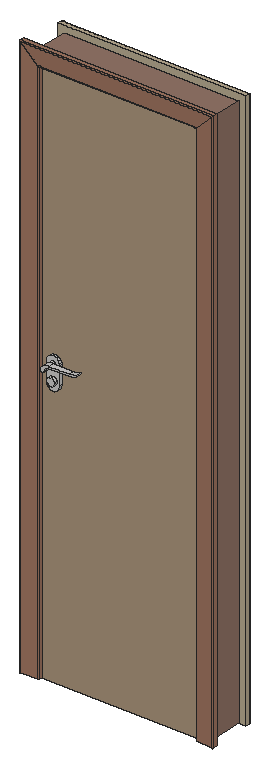
Revit family "Abrir - 1 Folha_Painel liso", category Portas, Revit 2015
Parameters (values of type "60x210")
  Tipo de construção = "residêncial"
  Máscara da folha visível [instance] = no
  Moldura interna da porta [instance] = Teca
  Moldura externa da porta [instance] = Pinho de Óregon
  Moldura da porta = Tábua de fibra orientada
  Maçaneta da porta = Painel de metal
  Marco = Amendoeira
  Largura bruta = Largura + (Espessura do Marco * 2)  # 67 cm
  Função = Interior
  Projeção da moldura externa = 2 cm
  Projeção da moldura interna = 2 cm
  Largura da moldura = 7 cm
  Folha da porta = Tábua de fibra orientada
  Espessura do Marco = 3.5 cm
  Espessura = 3.5 cm
  Distância da maçaneta = 5 cm
  Autor = "Marco Rocha"
  Altura bruta = Altura + Espessura do Marco  # 213.5 cm
  Altura = 210 cm
  Fechamento da parede = Por hospedeiro
  Largura = 60 cm
Types (6, lengths in cm): name | Largura bruta | Espessura | Largura
  (no name) | 67 | 3.5 | 60
  60x210 | 67 | 3.5 | 60
  70x210 | 77 | 3.5 | 70
  80x210 | 87 | 3.5 | 80
  90x210 | 97 | 3.5 | 90
  100x210 | 107 | 4 | 100
Reference planes (cm)
  plane 1: y = 0
  plane 2 "Centro (Esquerda/Direita)": x = 0
  plane 3 "Esquerda": x = -30
  plane 4 "Direita": x = 30
  plane 5: z = 210
  plane 6 "Exterior": y = 7.5
  plane 7 "Interior": y = -7.5
  plane 8: x = -33.5
  plane 9: x = 33.5
  plane 10: z = 213.5
  plane 11: y = -4
  plane 12: x = 29
  plane 13: x = 26.5
  plane 14: y = -67.5
  plane 15: y = -62.5
  plane 16: y = -80
  plane 17: y = -62.5
Forms (cm)
  Extrusion 1, solid, material "Tábua de fibra orientada" <- "Folha da porta"
    sketch origin (0, 0, 0) x (1, 0, 0) y (0, 1, 0)
      loop
        line (-30, -4) -> (-30, -7.5) -> (30, -7.5) -> (30, -4) -> (-30, -4)
    from 0 to 210
  Extrusion 2, solid, material "Tábua de fibra orientada" <- "Moldura da porta", detail levels medium
    sketch origin (0, 7.5, 0) x (1, 0, 0) y (0, 0, 1)
      loop
        line (30, 210) -> (30, 0) -> (37, 0) -> (37, 217) -> (-37, 217) -> (-37, 0) -> (-30, 0) -> (-30, 210) -> (30, 210)
    from -2 to 0
  Extrusion 3, solid, material "Tábua de fibra orientada" <- "Moldura da porta", detail levels medium
    sketch origin (0, -7.5, 0) x (1, 0, 0) y (0, 0, -1)
      loop
        line (30, -210) -> (-30, -210) -> (-30, 0) -> (-37, 0) -> (-37, -217) -> (37, -217) -> (37, 0) -> (30, 0) -> (30, -210)
    from -2 to 0
  Sweep 4, solid, material "Amendoeira" <- "Marco", detail levels coarse+medium
    path in 3D
      loop
        line (33.5, 7.5, 0) -> (33.5, 7.5, 213.5) -> (-33.5, 7.5, 213.5) -> (-33.5, 7.5, 0)
    profile origin (33.5, 7.5, 106.75) x (0, 1, 0) y (-1, 0, 0)
      loop
        line (-15, 3.5) -> (-15, 0) -> (0, 0) -> (0, 3.5) -> (-15, 3.5)
  Sweep 5, solid, material "Amendoeira" <- "Marco", detail levels fine
    path in 3D
      loop
        line (33.5, 7.5, 0) -> (33.5, 7.5, 213.5) -> (-33.5, 7.5, 213.5) -> (-33.5, 7.5, 0)
    profile origin (33.5, 7.5, 106.75) x (0, 1, 0) y (-1, 0, 0)
      loop
        line (0, 0) -> (0, 4.5) -> (-11.5, 4.5) -> (-11.5, 3.5) -> (-15, 3.5) -> (-15, 0) -> (0, 0)
  Sweep 6, solid, material "Teca" <- "Moldura interna da porta", detail levels fine
    path in 3D
      loop
        line (30, -7.5, 0) -> (30, -7.5, 210) -> (-30, -7.5, 210) -> (-30, -7.5, 0)
    profile "Perfil Alisar : 7 x 2 cm" origin (-30, -7.5, 105) x (0, 1, 0) y (1, 0, 0)
      loop
        line (0, 0) -> (-1, 0)
        arc (-1, 0) -> (-1.3536, -0.1464) -> (-1.5, -0.5) r 0.5
        line (-1.5, -0.5) -> (-1.9793, -6.7308)
        arc (-1.9793, -6.7308) -> (-1.9135, -6.9199) -> (-1.73, -7) r 0.25
        line (-1.73, -7) -> (0, -7) -> (0, 0)
  Sweep 7, solid, material "Pinho de Óregon" <- "Moldura externa da porta", detail levels fine
    path in 3D
      loop
        line (29, 7.5, 0) -> (29, 7.5, 209) -> (-29, 7.5, 209) -> (-29, 7.5, 0)
    profile "Perfil Alisar : 7 x 2 cm" origin (29, 7.5, 104.5) x (0, 1, 0) y (-1, 0, 0)
      loop
        line (0, 0) -> (0, -7) -> (1.73, -7)
        arc (1.73, -7) -> (1.9135, -6.9199) -> (1.9793, -6.7308) r 0.25
        line (1.9793, -6.7308) -> (1.5, -0.5)
        arc (1.5, -0.5) -> (1.3536, -0.1464) -> (1, 0) r 0.5
        line (1, 0) -> (0, 0)
Lines and regions (cm)
  Opening 1
    outline origin (-305, -7.5, 0) x (1, 0, 0) y (0, 0, 1)
      loop
        line (338.5, 213.5) -> (271.5, 213.5) -> (271.5, 0) -> (338.5, 0) -> (338.5, 213.5)
  Masking region 1, visible <- "Máscara da folha visível"
    outline origin (0, 0, 0) x (1, 0, 0) y (0, 1, 0)
      loop
        line (26.5, -7.5) -> (26.5, -67.5) -> (30, -67.5) -> (30, -7.5) -> (26.5, -7.5)
  Masking region 2, visible <- "Máscara da folha visível", detail levels fine
    outline origin (-15, 17.5, 0) x (0, -1, 0) y (1, 0, 0)
      loop
        line (82.5, 45) -> (82.5, 46) -> (81.5, 46) -> (81.5, 47) -> (80.8, 47) -> (80.8, 51) -> (67, 51) -> (67, 49) -> (79.2, 49) -> (79.2, 47) -> (78.5, 47) -> (78.5, 46) -> (77.5, 46) -> (77.5, 45) -> (82.5, 45)
  Masking region 3, visible <- "Máscara da folha visível", not visible, detail levels fine
    outline origin (0, 0, 0) x (0, -1, 0) y (1, 0, 0)
      loop
        line (82.5, 45) -> (82.5, 46) -> (81.5, 46) -> (81.5, 47) -> (80.8, 47) -> (80.8, 51) -> (67, 51) -> (67, 49) -> (79.2, 49) -> (79.2, 47) -> (78.5, 47) -> (78.5, 46) -> (77.5, 46) -> (77.5, 45) -> (82.5, 45)
  Masking region 4, visible <- "Máscara da folha visível", detail levels fine
    outline origin (71.5, 17.5, 0) x (0, 1, 0) y (-1, 0, 0)
      loop
        line (-82.5, 45) -> (-77.5, 45) -> (-77.5, 46) -> (-78.5, 46) -> (-78.5, 47) -> (-79.2, 47) -> (-79.2, 49) -> (-67, 49) -> (-67, 51) -> (-80.8, 51) -> (-80.8, 47) -> (-81.5, 47) -> (-81.5, 46) -> (-82.5, 46) -> (-82.5, 45)
  Masking region 5, detail levels coarse
    outline origin (0, 0, 0) x (1, 0, 0) y (0, 1, 0)
      loop
        line (-33.5, 7.5) -> (-33.5, -7.5) -> (-30, -7.5) -> (-30, 7.5) -> (-33.5, 7.5)
      loop
        line (30, 7.5) -> (30, -7.5) -> (33.5, -7.5) -> (33.5, 7.5) -> (30, 7.5)
  Masking region 6, detail levels coarse
    outline origin (0, 0, 0) x (0, 1, 0) y (0, 0, 1)
      loop
        line (7.5, 213.5) -> (-7.5, 213.5) -> (-7.5, 210) -> (7.5, 210) -> (7.5, 213.5)
  symbolic lines, style "Giro da elevação"
    curve 1: line (30, -7.5, 105) -> (-30, -7.5, 210)
    curve 2: line (30, -7.5, 105) -> (-30, -7.5, 0)
  symbolic lines, style "Doors"
    curve 3: line (26.5, -7.5, 0) -> (26.5, -67.5, 0)
    curve 4: line (30, -67.5, 0) -> (30, -7.5, 0)
    curve 5: line (26.5, -67.5, 0) -> (30, -67.5, 0)
    curve 6: line (30, -7.5, 0) -> (26.5, -7.5, 0)
  symbolic lines, style "Puxador", detail levels fine
    curve 7: line (30, -65, 0) -> (30, -60, 0)
    curve 8: line (30, -60, 0) -> (31, -60, 0)
    curve 9: line (31, -60, 0) -> (31, -65, 0)
    curve 10: line (31, -65, 0) -> (30, -65, 0)
    curve 11: line (31, -61, 0) -> (32, -61, 0)
    curve 12: line (32, -61, 0) -> (32, -64, 0)
    curve 13: line (32, -64, 0) -> (31, -64, 0)
    curve 14: line (32, -63.3, 0) -> (36, -63.3, 0)
    curve 15: line (36, -63.3, 0) -> (36, -49.5, 0)
    curve 16: line (36, -49.5, 0) -> (34, -49.5, 0)
    curve 17: line (34, -49.5, 0) -> (34, -61.7, 0)
    curve 18: line (34, -61.7, 0) -> (32, -61.7, 0)
    curve 31: line (26.5, -65, 0) -> (26.5, -60, 0)
    curve 32: line (26.5, -60, 0) -> (25.5, -60, 0)
    curve 33: line (25.5, -60, 0) -> (25.5, -65, 0)
    curve 34: line (25.5, -65, 0) -> (26.5, -65, 0)
    curve 35: line (25.5, -61, 0) -> (24.5, -61, 0)
    curve 36: line (24.5, -61, 0) -> (24.5, -64, 0)
    curve 37: line (24.5, -64, 0) -> (25.5, -64, 0)
    curve 38: line (24.5, -63.3, 0) -> (20.5, -63.3, 0)
    curve 39: line (20.5, -63.3, 0) -> (20.5, -49.5, 0)
    curve 40: line (20.5, -49.5, 0) -> (22.5, -49.5, 0)
    curve 41: line (22.5, -49.5, 0) -> (22.5, -61.7, 0)
    curve 42: line (22.5, -61.7, 0) -> (24.5, -61.7, 0)
  symbolic lines, style "Puxador", not visible, detail levels fine
    curve 19: line (45, -82.5, 0) -> (45, -77.5, 0)
    curve 20: line (45, -77.5, 0) -> (46, -77.5, 0)
    curve 21: line (46, -77.5, 0) -> (46, -82.5, 0)
    curve 22: line (46, -82.5, 0) -> (45, -82.5, 0)
    curve 23: line (46, -78.5, 0) -> (47, -78.5, 0)
    curve 24: line (47, -78.5, 0) -> (47, -81.5, 0)
    curve 25: line (47, -81.5, 0) -> (46, -81.5, 0)
    curve 26: line (47, -80.8, 0) -> (51, -80.8, 0)
    curve 27: line (51, -80.8, 0) -> (51, -67, 0)
    curve 28: line (51, -67, 0) -> (49, -67, 0)
    curve 29: line (49, -67, 0) -> (49, -79.2, 0)
    curve 30: line (49, -79.2, 0) -> (47, -79.2, 0)
  sketch lines
    curve 43: line (33.5, 7.5, 0) -> (33.5, 7.5, 213.5)
    curve 44: line (33.5, 7.5, 213.5) -> (-33.5, 7.5, 213.5)
    curve 45: line (-33.5, 7.5, 213.5) -> (-33.5, 7.5, 0)
    curve 47: line (33.5, 7.5, 0) -> (33.5, 7.5, 213.5)
    curve 48: line (33.5, 7.5, 213.5) -> (-33.5, 7.5, 213.5)
    curve 49: line (-33.5, 7.5, 213.5) -> (-33.5, 7.5, 0)
    curve 50: line (-30, -7.5, 210) -> (-30, -7.5, 0)
    curve 51: line (30, -7.5, 210) -> (-30, -7.5, 210)
    curve 52: line (30, -7.5, 0) -> (30, -7.5, 210)
    curve 53: line (29, 7.5, 0) -> (29, 7.5, 209)
    curve 54: line (29, 7.5, 209) -> (-29, 7.5, 209)
    curve 55: line (-29, 7.5, 209) -> (-29, 7.5, 0)
  symbolic lines, style "Giro da planta"
    curve 46: arc (30, -67.5, 0) -> (-12.4264, -49.9264, 0) -> (-30, -7.5, 0) r 60
Text (cm)
  text "Exterior" at (-229.5016, 109.9543, 0), in view "Nível de referência"
  text "Exterior" at (0, 161.538, 369.8081), in view "Esquerda"
  text "Exterior" at (0, 103.6032, 387.4932), in view "Direita"
Dimensions and locks (cm)
  equal spacing: plane 3 "Esquerda", plane 2 "Centro (Esquerda/Direita)", plane 4 "Direita"
  "Largura": plane 3 "Esquerda" to plane 4 "Direita"
  "Altura": plane 5 to host wall
  equal spacing: host wall, curve 2, plane 5
  host wall to plane 10 = 213.5 cm
  locked: plane 6 "Exterior" to host wall at 0
  locked: plane 7 "Interior" to host wall
  "Espessura do Marco": plane 8 to plane 3 "Esquerda"
  "Espessura do Marco": plane 4 "Direita" to plane 9
  "Espessura do Marco": plane 10 to plane 5
  "Espessura": plane 7 "Interior" to plane 11
  locked: plane 12 to plane 4 "Direita" at 1
  "Espessura": plane 13 to plane 4 "Direita"
  "Largura": plane 14 to plane 7 "Interior"
  "Largura da moldura": Extrusion 2 sketch curve to Extrusion 2 sketch curve  (x3)
  "Projeção da moldura externa": plane 6 "Exterior" to Extrusion 2
  "Largura da moldura": Extrusion 3 sketch curve to Extrusion 3 sketch curve  (x3)
  "Projeção da moldura interna": Extrusion 3 to plane 7 "Interior"
  "Distância da maçaneta": plane 3 "Esquerda" to nested 1
  "Distância da maçaneta": plane 15 to plane 14
  "Distância da maçaneta": plane 17 to plane 14
  aligned and locked: plane 5 to curve 1
  aligned and locked: plane 3 "Esquerda" to curve 2
  aligned and locked: plane 1 to host wall
  aligned and locked: plane 3 "Esquerda" to curve 1
  aligned and locked: curve 3 to plane 13
  aligned and locked: curve 4 to plane 4 "Direita"
  aligned and locked: curve 5 to plane 14
  aligned and locked: curve 6 to plane 7 "Interior"
  aligned and locked: Masking region 1 sketch curve to curve 6
  aligned and locked: Masking region 1 sketch curve to curve 3
  aligned and locked: Masking region 1 sketch curve to curve 5
  aligned and locked: Masking region 1 sketch curve to curve 4
  aligned and locked: Extrusion 1 sketch curve to plane 3 "Esquerda"
  aligned and locked: plane 4 "Direita" to Extrusion 1 sketch curve
  aligned and locked: Extrusion 1 sketch curve to plane 11
  aligned and locked: Extrusion 1 sketch curve to plane 7 "Interior"
  aligned and locked: Extrusion 1 to plane 5
  aligned and locked: plane 4 "Direita" to Extrusion 2 sketch curve
  aligned and locked: plane 5 to Extrusion 2 sketch curve
  aligned and locked: plane 3 "Esquerda" to Extrusion 2 sketch curve
  aligned and locked: Extrusion 2 sketch curve to level
  aligned and locked: level to Extrusion 2 sketch curve
  aligned and locked: Extrusion 2 to host wall
  aligned and locked: Extrusion 3 to plane 7 "Interior"
  aligned and locked: nested 1 to plane 7 "Interior"
  aligned and locked: curve 7 to plane 4 "Direita"
  aligned and locked: plane 13 to curve 31
  aligned and locked: plane 10 to Opening 1 sketch curve
  aligned and locked: Opening 1 sketch curve to plane 9
  aligned and locked: Extrusion 2 to Opening 1 sketch curve
  aligned and locked: plane 8 to Opening 1 sketch curve
  aligned and locked: Sweep 4 sketch curve to plane 4 "Direita"
  aligned and locked: Sweep 4 sketch curve to plane 9
  aligned and locked: Sweep 4 sketch curve to plane 6 "Exterior"
  aligned and locked: Sweep 4 sketch curve to plane 7 "Interior"
  aligned and locked: plane 3 "Esquerda" to curve 46
  aligned and locked: Sweep 5 sketch curve to plane 9
  aligned and locked: Sweep 5 sketch curve to plane 6 "Exterior"
  aligned and locked: Sweep 5 sketch curve to plane 12
  aligned and locked: Sweep 5 sketch curve to plane 11
  aligned and locked: plane 4 "Direita" to Sweep 5 sketch curve
  aligned and locked: plane 7 "Interior" to Sweep 5 sketch curve
  aligned and locked: plane 3 "Esquerda" to Masking region 5 sketch curve
  aligned and locked: Masking region 5 sketch curve to plane 8
  aligned and locked: plane 6 "Exterior" to Masking region 5 sketch curve  (x2)
  aligned and locked: Masking region 5 sketch curve to plane 7 "Interior"  (x2)
  aligned and locked: plane 9 to Masking region 5 sketch curve
  aligned and locked: Masking region 5 sketch curve to plane 4 "Direita"
  aligned and locked: Masking region 6 sketch curve to plane 10
  aligned and locked: Masking region 6 sketch curve to plane 7 "Interior"
  aligned and locked: plane 6 "Exterior" to Masking region 6 sketch curve
  aligned and locked: Masking region 6 sketch curve to plane 5
Automatic sketch dimensions
  Masking region 2 sketch curve to Masking region 2 sketch curve = 1 cm  (x6)
  Masking region 2 sketch curve to Masking region 2 sketch curve = 2 cm
  Masking region 2 sketch curve to Masking region 2 sketch curve = 0.7 cm  (x2)
  Masking region 2 sketch curve to Masking region 2 sketch curve = 1.6 cm
  Masking region 2 sketch curve to Masking region 2 sketch curve = 10.5 cm
  plane 15 to Masking region 2 sketch curve = 2.5 cm
  Masking region 2 sketch curve to Masking region 2 sketch curve = 3 cm
  Masking region 3 sketch curve to Masking region 3 sketch curve = 1 cm  (x6)
  Masking region 3 sketch curve to Masking region 3 sketch curve = 2 cm
  Masking region 3 sketch curve to Masking region 3 sketch curve = 0.7 cm  (x2)
  Masking region 3 sketch curve to Masking region 3 sketch curve = 1.6 cm
  Masking region 3 sketch curve to Masking region 3 sketch curve = 10.5 cm
  plane 16 to Masking region 3 sketch curve = 2.5 cm
  Masking region 3 sketch curve to Masking region 3 sketch curve = 3 cm
  Masking region 4 sketch curve to Masking region 4 sketch curve = 1 cm  (x6)
  Masking region 4 sketch curve to Masking region 4 sketch curve = 2 cm
  Masking region 4 sketch curve to Masking region 4 sketch curve = 0.7 cm  (x2)
  Masking region 4 sketch curve to Masking region 4 sketch curve = 1.6 cm
  Masking region 4 sketch curve to Masking region 4 sketch curve = 10.5 cm
  Masking region 4 sketch curve to plane 17 = 2.5 cm
  Masking region 4 sketch curve to Masking region 4 sketch curve = 3 cm
  curve 2 to level = 0 cm
  plane 4 "Direita" to curve 2 = 0 cm
  Extrusion 3 sketch curve to level = 0 cm  (x2)
  plane 3 "Esquerda" to Extrusion 3 sketch curve = 0 cm
  plane 4 "Direita" to Extrusion 3 sketch curve = 0 cm
  Extrusion 3 sketch curve to plane 5 = 0 cm
Nested families (cm)
  nested 1: "Maçaneta da porta 2" at (-25, -5.75, 110), type "Maçaneta da porta 2", detail levels fine
    with Espessura do painel 3.5 cm
Definition of nested family "Maçaneta da porta 2"
  Parameters (values of type "Maçaneta da porta 2")
    Espessura do painel = 5 cm
    Material do puxador = none
    Function = (empty or 0)
  Reference planes (cm)
    plane 1 "Centro (Frente/Trás)": y = 0
    plane 2: z = 0
    plane 3 "Centro (Esquerda/Direita)": x = 0
    plane 4: y = 2.5
    plane 5: y = -2.5
    plane 6: z = -14.7114
    plane 7: y = 6.5
    plane 8: z = -6
    plane 9: y = -6.5
    plane 10: z = -6
  Forms (cm)
    Extrusion 1, solid, material <- "Material do puxador"
      sketch origin (0, -2.5, 0) x (-1, 0, 0) y (0, 0, -1)
        loop
          line (2.5, 0) -> (2.5, 7)
          arc (2.5, 7) -> (0, 9.5) -> (-2.5, 7) r 2.5
          line (-2.5, 7) -> (-2.5, 0)
          arc (-2.5, 0) -> (0, -2.5) -> (2.5, 0) r 2.5
      from 0 to 1
    Extrusion 2, solid, material <- "Material do puxador"
      sketch origin (0, 2.5, 0) x (-1, 0, 0) y (0, 0, -1)
        loop
          line (2.5, 0) -> (2.5, 7)
          arc (2.5, 7) -> (0, 9.5) -> (-2.5, 7) r 2.5
          line (-2.5, 7) -> (-2.5, 0)
          arc (-2.5, 0) -> (0, -2.5) -> (2.5, 0) r 2.5
      from 0 to -1
    Extrusion 3, solid, material <- "Material do puxador"
      sketch origin (0, -2.5, 0) x (-1, 0, 0) y (0, 0, -1)
        loop
          circle (0, 0) r 0.8
      from 1 to 4
    Extrusion 4, solid, material <- "Material do puxador"
      sketch origin (0, 2, 0) x (-1, 0, 0) y (0, 0, 1)
        loop
          circle (0, 0) r 0.8
      from 1.5 to 4.5
    Extrusion 5, solid, material <- "Material do puxador"
      sketch origin (0, -6.5, 0) x (1, 0, 0) y (0, 0, 1)
        loop
          arc (-0.6508, 0.4652) -> (-0.2443, -0.7618) -> (0.8, 0) r 0.8
          arc (0.8, 0) -> (1.4532, 0.9391) -> (2.5386, 1.3) r 1.8126
          line (2.5386, 1.3) -> (10.1644, 1.3)
          arc (10.1644, 1.3) -> (11.641, 1.5798) -> (13, 2.2214) r 5.9379
          line (13, 2.2214) -> (13, 2.5)
          arc (13, 2.5) -> (11.604, 2.1265) -> (10.1644, 2) r 8.3285
          line (10.1644, 2) -> (2.5367, 2)
          arc (2.5367, 2) -> (0.7493, 1.6348) -> (-0.6508, 0.4652) r 3.7283
      from 0 to 2
    Extrusion 6, solid, material <- "Material do puxador"
      sketch origin (0, 6.5, 0) x (1, 0, 0) y (0, 0, -1)
        loop
          arc (0.8, 0) -> (-0.2443, 0.7618) -> (-0.6508, -0.4652) r 0.8
          arc (-0.6508, -0.4652) -> (0.7493, -1.6348) -> (2.5367, -2) r 3.7283
          line (2.5367, -2) -> (10.1644, -2)
          arc (10.1644, -2) -> (11.604, -2.1265) -> (13, -2.5) r 8.3285
          line (13, -2.5) -> (13, -2.2214)
          arc (13, -2.2214) -> (11.641, -1.5798) -> (10.1644, -1.3) r 5.9379
          line (10.1644, -1.3) -> (2.5386, -1.3)
          arc (2.5386, -1.3) -> (1.4532, -0.9391) -> (0.8, 0) r 1.8126
      from 0 to 2
    Extrusion 7, solid, material <- "Material do puxador"
      sketch origin (0, -3.5, 1) x (-1, 0, 0) y (0, 0, -1)
        loop
          circle (0, 7) r 1.5
      from 0 to 1
    Extrusion 8, solid, material <- "Material do puxador"
      sketch origin (0, 3.5, 0) x (-1, 0, 0) y (0, 0, 1)
        loop
          circle (0, -6) r 1.5
      from 0 to 1
  Dimensions and locks (cm)
    equal spacing: plane 5, plane 1 "Centro (Frente/Trás)", plane 4
    "Espessura do painel": plane 5 to plane 4
    locked: plane 4 to plane 7 at 4
    locked: plane 9 to plane 5 at 4
    locked: Extrusion 6 to plane 7 at 2
    locked: plane 9 to Extrusion 5 at 2
    locked: plane 2 to plane 10 at 6
    aligned and locked: Extrusion 3 to Extrusion 1
    aligned and locked: Extrusion 4 to Extrusion 2
    aligned and locked: plane 7 to Extrusion 6
    aligned and locked: Extrusion 4 to plane 7
    aligned and locked: plane 9 to Extrusion 5
  Automatic sketch dimensions
    Extrusion 3 sketch curve to level = 0 cm
    Extrusion 3 sketch curve to plane 3 "Centro (Esquerda/Direita)" = 0 cm
    Extrusion 4 sketch curve to level = 0 cm
    Extrusion 4 sketch curve to plane 3 "Centro (Esquerda/Direita)" = 0 cm
    Extrusion 5 sketch curve to level = 0 cm  (x2)
    Extrusion 5 sketch curve to plane 3 "Centro (Esquerda/Direita)" = 0 cm
    Extrusion 5 sketch curve to plane 3 "Centro (Esquerda/Direita)" = 0.6508 cm
    plane 3 "Centro (Esquerda/Direita)" to Extrusion 5 sketch curve = 0.8 cm
    Extrusion 5 sketch curve to level = 1.7244 cm
    Extrusion 5 sketch curve to Extrusion 5 sketch curve = 1.5668 cm
    level to Extrusion 5 sketch curve = 2 cm
    Extrusion 5 sketch curve to Extrusion 5 sketch curve = 0.0019 cm
    Extrusion 5 sketch curve to Extrusion 5 sketch curve = 2.8356 cm
    Extrusion 5 sketch curve to Extrusion 5 sketch curve = 0 cm
    Extrusion 5 sketch curve to level = 0.5126 cm
    level to Extrusion 5 sketch curve = 2.2214 cm
    Extrusion 5 sketch curve to Extrusion 5 sketch curve = 0.2786 cm
    Extrusion 5 sketch curve to Extrusion 5 sketch curve = 7.2693 cm
    Extrusion 5 sketch curve to Extrusion 5 sketch curve = 0.3517 cm
    Extrusion 5 sketch curve to Extrusion 5 sketch curve = 0.3583 cm
    Extrusion 6 sketch curve to level = 0 cm
    Extrusion 6 sketch curve to plane 3 "Centro (Esquerda/Direita)" = 0 cm
    level to Extrusion 6 sketch curve = 0.4652 cm
    Extrusion 6 sketch curve to plane 3 "Centro (Esquerda/Direita)" = 0.6508 cm
    Extrusion 6 sketch curve to level = 1.7244 cm
    Extrusion 6 sketch curve to Extrusion 6 sketch curve = 1.5668 cm
    Extrusion 6 sketch curve to Extrusion 6 sketch curve = 0.0019 cm
    Extrusion 6 sketch curve to level = 0.5126 cm
    Extrusion 6 sketch curve to Extrusion 6 sketch curve = 0.1719 cm
    Extrusion 6 sketch curve to Extrusion 6 sketch curve = 7.2693 cm
    Extrusion 6 sketch curve to Extrusion 6 sketch curve = 0.3517 cm
    Extrusion 6 sketch curve to Extrusion 6 sketch curve = 0.3583 cm
    Extrusion 6 sketch curve to Extrusion 6 sketch curve = 0 cm
    level to Extrusion 6 sketch curve = 2.2214 cm
    Extrusion 6 sketch curve to Extrusion 6 sketch curve = 2.8356 cm
    Extrusion 6 sketch curve to Extrusion 6 sketch curve = 0.2786 cm
    Extrusion 1 sketch curve to plane 3 "Centro (Esquerda/Direita)" = 0 cm
    Extrusion 1 sketch curve to level = 0 cm
    Extrusion 1 sketch curve to plane 3 "Centro (Esquerda/Direita)" = 2.5 cm
    level to Extrusion 1 sketch curve = 7 cm
    Extrusion 2 sketch curve to level = 0 cm
    Extrusion 2 sketch curve to plane 3 "Centro (Esquerda/Direita)" = 0 cm
    Extrusion 2 sketch curve to plane 3 "Centro (Esquerda/Direita)" = 2.5 cm
    level to Extrusion 2 sketch curve = 7 cm
    Extrusion 7 sketch curve to plane 3 "Centro (Esquerda/Direita)" = 0 cm
    level to Extrusion 7 sketch curve = 6 cm
    Extrusion 8 sketch curve to plane 3 "Centro (Esquerda/Direita)" = 0 cm
    Extrusion 8 sketch curve to plane 8 = 0 cm
    radius of Extrusion 3 sketch curve = 0.8 cm
    radius of Extrusion 4 sketch curve = 0.8 cm
    radius of Extrusion 7 sketch curve = 1.5 cm
    radius of Extrusion 8 sketch curve = 1.5 cm
